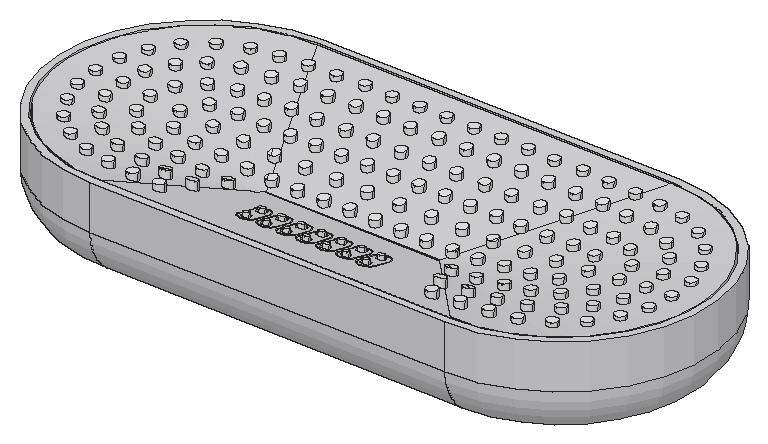
Revit family "Shower-Showerhead-KOHLER-K-26297_1", category Plumbing Fixtures, host Face, Revit 2017
Family settings
  Host = Face
  Round Connector Dimension = Use Diameter
  Part Type = Normal
  OmniClass Number = 23.31.17.00
  OmniClass Title = Showers
  Cut with Voids When Loaded = No
  Shared = No
  Room Calculation Point = No
Parameters (values of type "2.5 GPM, CP-Polished Chrome")
  Width = 17 107/128"  # constant formula
  WaterSense Certified = 1 = 0  # no
  Waste Water Outlet = "Waste Water Outlet"  # constant formula
  Waste Connection = 1 = 0  # no
  Vent Connection = 1 = 0  # no
  URL = "https://www.us.kohler.com/us/"
  Type = 1
  Product Page URL = "http://www.us.kohler.com/us/catalog/productDetails.jsp?productId=26297"
  Product Name = ""
  Product Documentation Link = "https://www.us.kohler.com/webassets/kpna/catalog/pdf/en/K-26297_spec.pdf"
  Pressure = 80.00 psi  # constant formula
  Model = if(Type = 1, "K-26297-CP", if(Type = 2, "K-26297-BN", if(Type = 3, "K-26297-BL", if(Type = 4, "K-26297-2MB", if(Type = 5, "K-26297-SN", "NA")))))  # "K-26297-CP"
  Material = "Plastic"  # constant formula
  Master Format 2014 Name = "Residential Showers"  # constant formula
  Master Format 2014 = "22 42 23"  # constant formula
  Manufacturer Address = "444 Highland Dr, Kohler, WI 53044"  # constant formula
  Manufacturer = "KOHLER Co."  # constant formula
  Length = 8 17/256"  # constant formula
  Tempered Water Inlet 1 = "Tempered Water Inlet"  # constant formula
  Height = 3 53/128"  # constant formula
  HW Connection = 1 = 1  # yes
  Flow Rate = 2.5 GPM  # constant formula
  Finish = KOHLER-Plastic-CP-Polished_Chrome
  Environmental Product Declaration = ""
  Drain Included = 1 = 0  # no
  Description = "2F Large Oblong Katalyst/Linetic 2.5 GPM"  # constant formula
  Default Elevation = 0"
  Declare Label = ""
  Date Modified = "01/22/2021"  # constant formula
  Date Created = "01/22/2021"  # constant formula
  Copyright = "Copyright KOHLER Co."  # constant formula
  Contact Us = "https://www.us.kohler.com/us/static/contact.jsp"
  Cold Water Inlet = "Cold Water Inlet"  # constant formula
  CW Connection = 1 = 0  # no
  Assembly Code = "D2010700"
  ADA Compliant = 1 = 0  # no
Reference planes (in)
  plane 1 "Center (Front/Back)": y = 0
  plane 2: z = 0
  plane 3 "Center (Left/Right)": x = 0
  plane 4: x = -0.43307
  plane 5: x = 0.43307
  plane 6: x = 8.91732
  plane 7: x = -8.91861
  plane 8: z = 3.41406
  plane 9: y = 4.03346
  plane 10: z = 0.79595
  plane 11: y = 0.47733
  plane 12: y = -0.47733
  plane 13: y = -4.03294
Dimensions and locks (in)
  "Height": plane 8 to level
  plane 11 to plane 12 = 0.95466"
  plane 4 to plane 5 = 0.86614"
  plane 8 to plane 10 = 2.61811"
  plane 6 to plane 7 = 17 107/128"
  "Length": plane 9 to plane 13
  "Width": plane 7 to plane 6
  aligned and locked: plane 2 to host face
  aligned and locked: level to host face
Automatic sketch dimensions
  host sketch curve to host sketch curve = 96"  (x2)
Nested families (in)
  nested 1: "K-26297" at (0, 0, 0), type "K-26297"
Connectors (in)
  piping at (0, 0, 0), diameter 0.375, driven by "Flow Rate", driven by "Pressure", driven by "HW Connection", driven by "Tempered Water Inlet 1"
    settings: on nested 1, index 2, connector inside diameter 24", connector length 0", flow factor 0, pipe flow 2.5 GPM, pressure drop 80.00 psi, fitting loss kfactor 0, connector angle 0.00°, fixture units 0, engagement length 0", angle of deflection 0.00°, flow configuration 1, flow direction 1, fitting loss method 4, system type 19, joint type 0, gender type 0, connector reference index -1, connector utility 1, adjustable connector no, is connector primary yes, connector description "Tempered Water Inlet"
Definition of nested family "K-26297"
  Parameters (values of type "K-26297")
    Material = none
  Reference planes (in)
    plane 1 "Center (Front/Back)": y = 0
    plane 2: z = 0
    plane 3 "Center (Left/Right)": x = 0
    plane 4: y = 4.03346
    plane 5: y = -4.03346
    plane 6: z = 0.79528
    plane 7: z = 3.41339
    plane 8: x = 0.43307
    plane 9: x = -0.43307
    plane 10: x = 8.91732
    plane 11: x = -8.91732
  Forms (in)
    Sweep 1, solid, material <- "Material", detail levels medium+fine
      path origin (0, 0, 0) x (1, 0, 0) y (0, 1, 0)
        loop
          arc (-4.91948, 4.03346) -> (-8.95294, 0) -> (-4.91948, -4.03346) r 4.03346
          line (-4.91948, -4.03346) -> (4.91948, -4.03346)
          arc (4.91948, -4.03346) -> (8.95294, 0) -> (4.91948, 4.03346) r 4.03346
          line (4.91948, 4.03346) -> (-4.91948, 4.03346)
      profile origin (0, 4.03346, 0) x (0, 1, 0) y (0, 0, 1)
        loop
          line (0, 3.41339) -> (-0.19685, 3.41339) -> (-0.19685, 2.17134)
          arc (-0.19685, 2.17134) -> (-0.54279, 1.33617) -> (-1.37795, 0.99024) r 1.1811
          line (-1.37795, 0.99024) -> (-3.46965, 0.99024) -> (-3.46965, 0.79339) -> (-1.37795, 0.79339)
          arc (-1.37795, 0.79339) -> (-0.40359, 1.19698) -> (0, 2.17134) r 1.37795
          line (0, 2.17134) -> (0, 3.41339)
    Extrusion 2, solid, material <- "Material", detail levels medium+fine
      sketch origin (0, 0, 0) x (1, 0, 0) y (0, 1, 0)
        loop
          line (-4.91948, -0.56381) -> (4.91948, -0.56381)
          arc (4.91948, -0.56381) -> (5.48329, 0) -> (4.91948, 0.56381) r 0.56381
          line (4.91948, 0.56381) -> (-4.91948, 0.56381)
          arc (-4.91948, 0.56381) -> (-5.48329, 0) -> (-4.91948, -0.56381) r 0.56381
      from 0.79339 to 0.99024
    Extrusion 3, solid, material <- "Material", detail levels medium+fine
      sketch origin (0, 0, 0) x (1, 0, 0) y (0, 1, 0)
        loop
          line (0.15964, 0.47733) -> (-0.15964, 0.47733)
          arc (-0.15964, 0.47733) -> (-0.23783, 0.47608) -> (-0.31595, 0.47232) r 2.44246
          arc (-0.31595, 0.47232) -> (-0.47224, 0.45724) -> (-0.62724, 0.43215) r 2.44246
          arc (-0.62724, 0.43215) -> (-0.85574, 0.29606) -> (-0.94557, 0.04573) r 0.3937
          line (-0.94557, 0.04573) -> (-0.94557, 0) -> (-0.94557, -0.04573)
          arc (-0.94557, -0.04573) -> (-0.85574, -0.29606) -> (-0.62724, -0.43215) r 0.3937
          arc (-0.62724, -0.43215) -> (-0.47224, -0.45724) -> (-0.31595, -0.47232) r 2.44246
          arc (-0.31595, -0.47232) -> (-0.23783, -0.47608) -> (-0.15964, -0.47733) r 2.44246
          line (-0.15964, -0.47733) -> (0.15964, -0.47733)
          arc (0.15964, -0.47733) -> (0.23783, -0.47608) -> (0.31595, -0.47232) r 2.44246
          arc (0.31595, -0.47232) -> (0.47224, -0.45724) -> (0.62724, -0.43215) r 2.44246
          arc (0.62724, -0.43215) -> (0.85574, -0.29606) -> (0.94557, -0.04573) r 0.3937
          line (0.94557, -0.04573) -> (0.94557, 0) -> (0.94557, 0.04573)
          arc (0.94557, 0.04573) -> (0.85574, 0.29606) -> (0.62724, 0.43215) r 0.3937
          arc (0.62724, 0.43215) -> (0.47224, 0.45724) -> (0.31595, 0.47232) r 2.44246
          arc (0.31595, 0.47232) -> (0.23783, 0.47608) -> (0.15964, 0.47733) r 2.44246
      from 0 to 0.79339
    Extrusion 4, solid, material <- "Material", detail levels medium+fine
      sketch origin (0, 0, 0) x (1, 0, 0) y (0, 1, 0)
        loop
          arc (-4.91948, 3.83661) -> (-8.75609, 0) -> (-4.91948, -3.83661) r 3.83661
          line (-4.91948, -3.83661) -> (4.91948, -3.83661)
          arc (4.91948, -3.83661) -> (8.75609, 0) -> (4.91948, 3.83661) r 3.83661
          line (4.91948, 3.83661) -> (-4.91948, 3.83661)
      from 1.87795 to 3.41339
    Blend 5, void
      base sketch origin (0, 0, 0) x (1, 0, 0) y (0, 1, 0)
        loop
          arc (-4.91948, 3.83661) -> (-8.75609, 0) -> (-4.91948, -3.83661) r 3.83661
          line (-4.91948, -3.83661) -> (4.91948, -3.83661)
          arc (4.91948, -3.83661) -> (8.75609, 0) -> (4.91948, 3.83661) r 3.83661
          line (4.91948, 3.83661) -> (-4.91948, 3.83661)
      top sketch origin (0, 0, 0) x (1, 0, 0) y (0, 1, 0)
        loop
          line (2.4246, -1.11253) -> (2.4246, -1.06859) -> (-2.42478, -1.06859) -> (-2.42478, -1.11253) -> (2.4246, -1.11253)
      from 3.41339 to 2.77186
    Extrusion 6, void
      sketch origin (0, 0, 0) x (1, 0, 0) y (0, 0, 1)
        loop
          arc (0.08967, 0.44705) -> (0, 0.4978) -> (-0.08967, 0.44705) r 0.1046
          line (-0.08967, 0.44705) -> (-0.79494, 0.44705)
          arc (-0.79494, 0.44705) -> (-0.84879, 0.39319) -> (-0.79494, 0.33934) r 0.05385
          line (-0.79494, 0.33934) -> (-0.08967, 0.33934)
          arc (-0.08967, 0.33934) -> (0, 0.28859) -> (0.08967, 0.33934) r 0.1046
          line (0.08967, 0.33934) -> (0.79494, 0.33934)
          arc (0.79494, 0.33934) -> (0.84879, 0.39319) -> (0.79494, 0.44705) r 0.05385
          line (0.79494, 0.44705) -> (0.08967, 0.44705)
      from -0.52641 to 0.18184
    Revolve 7, void
      sketch origin (0, 0, 0) x (0, 1, 0) y (0, 0, 1)
        loop
          line (-0.48, 0.49881) -> (-0.48, 0.3935) -> (-0.27658, 0.3935) -> (-0.27658, 0.47319) -> (-0.42217, 0.47319) -> (-0.44779, 0.49881) -> (-0.48, 0.49881)
        axis (-0.48, 0.3935) -> (-0.27658, 0.3935)
      angle from 0 to 360
    Extrusion 8, void
      sketch origin (0, 0, 0) x (1, 0, 0) y (0, 1, 0)
        loop
          line (-1.42092, -2.68321) -> (-1.42092, -2.15417)
          arc (-1.42092, -2.15417) -> (-1.65354, -1.92156) -> (-1.88616, -2.15417) r 0.23262
          line (-1.88616, -2.15417) -> (-1.88616, -2.68321)
          arc (-1.88616, -2.68321) -> (-1.65354, -2.91583) -> (-1.42092, -2.68321) r 0.23262
        loop
          line (-0.86974, -2.68321) -> (-0.86974, -2.15417)
          arc (-0.86974, -2.15417) -> (-1.10236, -1.92156) -> (-1.33498, -2.15417) r 0.23262
          line (-1.33498, -2.15417) -> (-1.33498, -2.68321)
          arc (-1.33498, -2.68321) -> (-1.10236, -2.91583) -> (-0.86974, -2.68321) r 0.23262
        loop
          line (-0.31856, -2.68321) -> (-0.31856, -2.15417)
          arc (-0.31856, -2.15417) -> (-0.55118, -1.92156) -> (-0.7838, -2.15417) r 0.23262
          line (-0.7838, -2.15417) -> (-0.7838, -2.68321)
          arc (-0.7838, -2.68321) -> (-0.55118, -2.91583) -> (-0.31856, -2.68321) r 0.23262
        loop
          line (0.23262, -2.68321) -> (0.23262, -2.15417)
          arc (0.23262, -2.15417) -> (0, -1.92156) -> (-0.23262, -2.15417) r 0.23262
          line (-0.23262, -2.15417) -> (-0.23262, -2.68321)
          arc (-0.23262, -2.68321) -> (0, -2.91583) -> (0.23262, -2.68321) r 0.23262
        loop
          line (0.7838, -2.68321) -> (0.7838, -2.15417)
          arc (0.7838, -2.15417) -> (0.55118, -1.92156) -> (0.31856, -2.15417) r 0.23262
          line (0.31856, -2.15417) -> (0.31856, -2.68321)
          arc (0.31856, -2.68321) -> (0.55118, -2.91583) -> (0.7838, -2.68321) r 0.23262
        loop
          line (1.33498, -2.68321) -> (1.33498, -2.15417)
          arc (1.33498, -2.15417) -> (1.10236, -1.92156) -> (0.86974, -2.15417) r 0.23262
          line (0.86974, -2.15417) -> (0.86974, -2.68321)
          arc (0.86974, -2.68321) -> (1.10236, -2.91583) -> (1.33498, -2.68321) r 0.23262
        loop
          line (1.88616, -2.68321) -> (1.88616, -2.15417)
          arc (1.88616, -2.15417) -> (1.65354, -1.92156) -> (1.42092, -2.15417) r 0.23262
          line (1.42092, -2.15417) -> (1.42092, -2.68321)
          arc (1.42092, -2.68321) -> (1.65354, -2.91583) -> (1.88616, -2.68321) r 0.23262
        loop
          arc (-1.43667, -2.15417) -> (-1.65354, -1.9373) -> (-1.87041, -2.15417) r 0.21687
          line (-1.87041, -2.15417) -> (-1.87041, -2.68321)
          arc (-1.87041, -2.68321) -> (-1.65354, -2.90008) -> (-1.43667, -2.68321) r 0.21687
          line (-1.43667, -2.68321) -> (-1.43667, -2.15417)
        loop
          arc (-0.88549, -2.15417) -> (-1.10236, -1.9373) -> (-1.31923, -2.15417) r 0.21687
          line (-1.31923, -2.15417) -> (-1.31923, -2.68321)
          arc (-1.31923, -2.68321) -> (-1.10236, -2.90008) -> (-0.88549, -2.68321) r 0.21687
          line (-0.88549, -2.68321) -> (-0.88549, -2.15417)
        loop
          arc (-0.33431, -2.15417) -> (-0.55118, -1.9373) -> (-0.76805, -2.15417) r 0.21687
          line (-0.76805, -2.15417) -> (-0.76805, -2.68321)
          arc (-0.76805, -2.68321) -> (-0.55118, -2.90008) -> (-0.33431, -2.68321) r 0.21687
          line (-0.33431, -2.68321) -> (-0.33431, -2.15417)
        loop
          arc (0.21687, -2.15417) -> (0, -1.9373) -> (-0.21687, -2.15417) r 0.21687
          line (-0.21687, -2.15417) -> (-0.21687, -2.68321)
          arc (-0.21687, -2.68321) -> (0, -2.90008) -> (0.21687, -2.68321) r 0.21687
          line (0.21687, -2.68321) -> (0.21687, -2.15417)
        loop
          arc (0.76805, -2.15417) -> (0.55118, -1.9373) -> (0.33431, -2.15417) r 0.21687
          line (0.33431, -2.15417) -> (0.33431, -2.68321)
          arc (0.33431, -2.68321) -> (0.55118, -2.90008) -> (0.76805, -2.68321) r 0.21687
          line (0.76805, -2.68321) -> (0.76805, -2.15417)
        loop
          arc (1.31923, -2.15417) -> (1.10236, -1.9373) -> (0.88549, -2.15417) r 0.21687
          line (0.88549, -2.15417) -> (0.88549, -2.68321)
          arc (0.88549, -2.68321) -> (1.10236, -2.90008) -> (1.31923, -2.68321) r 0.21687
          line (1.31923, -2.68321) -> (1.31923, -2.15417)
        loop
          arc (1.87041, -2.15417) -> (1.65354, -1.9373) -> (1.43667, -2.15417) r 0.21687
          line (1.43667, -2.15417) -> (1.43667, -2.68321)
          arc (1.43667, -2.68321) -> (1.65354, -2.90008) -> (1.87041, -2.68321) r 0.21687
          line (1.87041, -2.68321) -> (1.87041, -2.15417)
        loop
          circle (-1.65281, -2.15811) r 0.12491
        loop
          circle (-1.65281, -2.69773) r 0.12491
        loop
          circle (-1.10163, -2.15811) r 0.12491
        loop
          circle (-1.10163, -2.69773) r 0.12491
        loop
          circle (-0.55045, -2.15811) r 0.12491
        loop
          circle (-0.55045, -2.69773) r 0.12491
        loop
          circle (0.00073, -2.15811) r 0.12491
        loop
          circle (0.00073, -2.69773) r 0.12491
        loop
          circle (0.55191, -2.15811) r 0.12491
        loop
          circle (0.55191, -2.69773) r 0.12491
        loop
          circle (1.1031, -2.15811) r 0.12491
        loop
          circle (1.1031, -2.69773) r 0.12491
        loop
          circle (1.65428, -2.15811) r 0.12491
        loop
          circle (1.65428, -2.69773) r 0.12491
      from 2.43178 to 3.41339
    Extrusion 9, solid, detail levels medium+fine
      sketch origin (0, 0, 0) x (1, 0, 0) y (0, 1, 0)
        loop
          circle (-1.65281, -2.15811) r 0.08055
        loop
          circle (-1.65281, -2.69773) r 0.08055
        loop
          circle (-1.10163, -2.15811) r 0.08055
        loop
          circle (-1.10163, -2.69773) r 0.08055
        loop
          circle (-0.55045, -2.15811) r 0.08055
        loop
          circle (-0.55045, -2.69773) r 0.08055
        loop
          circle (0.00073, -2.15811) r 0.08055
        loop
          circle (0.00073, -2.69773) r 0.08055
        loop
          circle (0.55191, -2.15811) r 0.08055
        loop
          circle (0.55191, -2.69773) r 0.08055
        loop
          circle (1.1031, -2.15811) r 0.08055
        loop
          circle (1.1031, -2.69773) r 0.08055
        loop
          circle (1.65428, -2.15811) r 0.08055
        loop
          circle (1.65428, -2.69773) r 0.08055
      from 2.26406 to 3.41339
    Extrusion 10, void
      sketch origin (0, 0, 0.09843) x (0, 1, 0) y (0, 0, 1)
        loop
          line (-1.77178, 2.92928) -> (-1.77178, 3.41339) -> (-3.79921, 3.41339) -> (-1.77178, 2.92928)
      from -2.42478 to 1.88616
    Extrusion 11, solid, material <- "Material", detail levels medium+fine
      sketch origin (0, 0, 0) x (1, 0, 0) y (0, 1, 0)
        loop
          arc (0.15964, -0.47733) -> (0.23783, -0.47608) -> (0.31595, -0.47232) r 2.44246
          arc (0.31595, -0.47232) -> (0.47224, -0.45724) -> (0.62724, -0.43215) r 2.44246
          arc (0.62724, -0.43215) -> (0.85574, -0.29606) -> (0.94557, -0.04573) r 0.3937
          line (0.94557, -0.04573) -> (0.94557, 0) -> (0.94557, 0.04573)
          arc (0.94557, 0.04573) -> (0.85574, 0.29606) -> (0.62724, 0.43215) r 0.3937
          arc (0.62724, 0.43215) -> (0.47224, 0.45724) -> (0.31595, 0.47232) r 2.44246
          arc (0.31595, 0.47232) -> (0.23783, 0.47608) -> (0.15964, 0.47733) r 2.44246
          line (0.15964, 0.47733) -> (-0.15964, 0.47733)
          arc (-0.15964, 0.47733) -> (-0.23783, 0.47608) -> (-0.31595, 0.47232) r 2.44246
          arc (-0.31595, 0.47232) -> (-0.47224, 0.45724) -> (-0.62724, 0.43215) r 2.44246
          arc (-0.62724, 0.43215) -> (-0.85574, 0.29606) -> (-0.94557, 0.04573) r 0.3937
          line (-0.94557, 0.04573) -> (-0.94557, 0) -> (-0.94557, -0.04573)
          arc (-0.94557, -0.04573) -> (-0.85574, -0.29606) -> (-0.62724, -0.43215) r 0.3937
          arc (-0.62724, -0.43215) -> (-0.47224, -0.45724) -> (-0.31595, -0.47232) r 2.44246
          arc (-0.31595, -0.47232) -> (-0.23783, -0.47608) -> (-0.15964, -0.47733) r 2.44246
          line (-0.15964, -0.47733) -> (0.15964, -0.47733)
      from 0 to 0.79339
    Extrusion 12, void
      sketch origin (0, 0, 0) x (1, 0, 0) y (0, 1, 0)
        loop
          arc (-4.91948, 3.83661) -> (-8.75609, 0) -> (-4.91948, -3.83661) r 3.83661
          line (-4.91948, -3.83661) -> (4.91948, -3.83661)
          arc (4.91948, -3.83661) -> (8.75609, 0) -> (4.91948, 3.83661) r 3.83661
          line (4.91948, 3.83661) -> (-4.91948, 3.83661)
        loop
          arc (-4.91948, 3.78543) -> (-8.70491, 0) -> (-4.91948, -3.78543) r 3.78543
          line (-4.91948, -3.78543) -> (4.91948, -3.78543)
          arc (4.91948, -3.78543) -> (8.70491, 0) -> (4.91948, 3.78543) r 3.78543
          line (4.91948, 3.78543) -> (-4.91948, 3.78543)
      from 2.77186 to 3.87988
    Extrusion 13, solid, detail levels medium+fine
      sketch origin (0, 0, 0) x (1, 0, 0) y (0, 1, 0)
        loop
          circle (0, 3.11243) r 0.14404
        loop
          circle (0.38349, 2.36942) r 0.14404
        loop
          circle (0.7502, 3.10763) r 0.14404
        loop
          circle (0.01285, 1.54978) r 0.14404
        loop
          circle (0.35658, 0.757) r 0.14404
        loop
          circle (0.35658, -0.74541) r 0.14404
        loop
          circle (1.06442, -0.75511) r 0.14404
        loop
          circle (1.78195, -0.7648) r 0.14404
        loop
          circle (2.49948, -0.7648) r 0.14404
        loop
          circle (3.18793, -0.74541) r 0.14404
        loop
          circle (3.09096, -1.53082) r 0.14404
        loop
          circle (3.7988, -1.55021) r 0.14404
        loop
          circle (3.43034, -2.33562) r 0.14404
        loop
          circle (3.76971, -3.06285) r 0.14404
        loop
          circle (4.52603, -3.03376) r 0.14404
        loop
          circle (4.18665, -2.32592) r 0.14404
        loop
          circle (4.51633, -1.49203) r 0.14404
        loop
          circle (4.91388, -2.23866) r 0.14404
        loop
          circle (5.26295, -2.95619) r 0.14404
        loop
          circle (5.97079, -2.83983) r 0.14404
        loop
          circle (5.6702, -2.13199) r 0.14404
        loop
          circle (6.35865, -1.81201) r 0.14404
        loop
          circle (6.66893, -2.51985) r 0.14404
        loop
          circle (6.83813, -1.32138) r 0.14404
        loop
          circle (7.25072, -2.03503) r 0.14404
        loop
          circle (7.65215, -1.39943) r 0.14404
        loop
          circle (7.90862, -0.73038) r 0.14404
        loop
          circle (7.17266, -0.68578) r 0.14404
        loop
          circle (6.32519, -0.66348) r 0.14404
        loop
          circle (5.84571, -1.19872) r 0.14404
        loop
          circle (5.19896, -1.42173) r 0.14404
        loop
          circle (5.33277, -0.61887) r 0.14404
        loop
          circle (4.64142, -0.74153) r 0.14404
        loop
          circle (3.91661, -0.73038) r 0.14404
        loop
          circle (2.49948, 0.7648) r 0.14404
        loop
          circle (3.18793, 0.74541) r 0.14404
        loop
          circle (3.09096, 1.53082) r 0.14404
        loop
          circle (3.7988, 1.55021) r 0.14404
        loop
          circle (3.43034, 2.33562) r 0.14404
        loop
          circle (3.76971, 3.06285) r 0.14404
        loop
          circle (4.52603, 3.03376) r 0.14404
        loop
          circle (4.18665, 2.32592) r 0.14404
        loop
          circle (4.51633, 1.49203) r 0.14404
        loop
          circle (4.91388, 2.23866) r 0.14404
        loop
          circle (5.26295, 2.95619) r 0.14404
        loop
          circle (5.97079, 2.83983) r 0.14404
        loop
          circle (5.6702, 2.13199) r 0.14404
        loop
          circle (6.35865, 1.81201) r 0.14404
        loop
          circle (6.66893, 2.51985) r 0.14404
        loop
          circle (6.83813, 1.32138) r 0.14404
        loop
          circle (7.25072, 2.03503) r 0.14404
        loop
          circle (7.65215, 1.39943) r 0.14404
        loop
          circle (7.90862, 0.73038) r 0.14404
        loop
          circle (7.17266, 0.68578) r 0.14404
        loop
          circle (6.32519, 0.66348) r 0.14404
        loop
          circle (5.84571, 1.19872) r 0.14404
        loop
          circle (5.19896, 1.42173) r 0.14404
        loop
          circle (5.33277, 0.61887) r 0.14404
        loop
          circle (4.64142, 0.74153) r 0.14404
        loop
          circle (3.91661, 0.73038) r 0.14404
        loop
          circle (0.44579, -0.0206) r 0.14404
        loop
          circle (1.31555, -0.00945) r 0.14404
        loop
          circle (2.17417, -0.00945) r 0.14404
        loop
          circle (3.02163, -0.00945) r 0.14404
        loop
          circle (3.8914, 0.0017) r 0.14404
        loop
          circle (4.75001, 0.01285) r 0.14404
        loop
          circle (5.65323, 0.0017) r 0.14404
        loop
          circle (6.48955, 0.01285) r 0.14404
        loop
          circle (7.23666, 0.01285) r 0.14404
        loop
          circle (7.97261, -0.0206) r 0.14404
        loop
          circle (1.07411, 0.7648) r 0.14404
        loop
          circle (1.78195, 0.75511) r 0.14404
        loop
          circle (1.54923, 1.55021) r 0.14404
        loop
          circle (0.76383, 1.54051) r 0.14404
        loop
          circle (1.15168, 2.35501) r 0.14404
        loop
          circle (1.908, 2.36471) r 0.14404
        loop
          circle (2.66432, 2.35501) r 0.14404
        loop
          circle (2.29586, 1.54051) r 0.14404
        loop
          circle (3.01339, 3.11133) r 0.14404
        loop
          circle (2.24738, 3.08224) r 0.14404
        loop
          circle (1.50075, 3.11133) r 0.14404
        loop
          circle (-0.38349, 2.36942) r 0.14404
        loop
          circle (-0.7502, 3.10763) r 0.14404
        loop
          circle (-0.35658, 0.757) r 0.14404
        loop
          circle (-0.35658, -0.74541) r 0.14404
        loop
          circle (-1.06442, -0.75511) r 0.14404
        loop
          circle (-1.78195, -0.7648) r 0.14404
        loop
          circle (-2.49948, -0.7648) r 0.14404
        loop
          circle (-3.18793, -0.74541) r 0.14404
        loop
          circle (-3.09096, -1.53082) r 0.14404
        loop
          circle (-3.7988, -1.55021) r 0.14404
        loop
          circle (-3.43034, -2.33562) r 0.14404
        loop
          circle (-3.76971, -3.06285) r 0.14404
        loop
          circle (-4.52603, -3.03376) r 0.14404
        loop
          circle (-4.18665, -2.32592) r 0.14404
        loop
          circle (-4.51633, -1.49203) r 0.14404
        loop
          circle (-4.91388, -2.23866) r 0.14404
        loop
          circle (-5.26295, -2.95619) r 0.14404
        loop
          circle (-5.97079, -2.83983) r 0.14404
        loop
          circle (-5.6702, -2.13199) r 0.14404
        loop
          circle (-6.35865, -1.81201) r 0.14404
        loop
          circle (-6.66893, -2.51985) r 0.14404
        loop
          circle (-6.83813, -1.32138) r 0.14404
        loop
          circle (-7.25072, -2.03503) r 0.14404
        loop
          circle (-7.65215, -1.39943) r 0.14404
        loop
          circle (-7.90862, -0.73038) r 0.14404
        loop
          circle (-7.17266, -0.68578) r 0.14404
        loop
          circle (-6.32519, -0.66348) r 0.14404
        loop
          circle (-5.84571, -1.19872) r 0.14404
        loop
          circle (-5.19896, -1.42173) r 0.14404
        loop
          circle (-5.33277, -0.61887) r 0.14404
        loop
          circle (-4.64142, -0.74153) r 0.14404
        loop
          circle (-3.91661, -0.73038) r 0.14404
        loop
          circle (-2.49948, 0.7648) r 0.14404
        loop
          circle (-3.18793, 0.74541) r 0.14404
        loop
          circle (-3.09096, 1.53082) r 0.14404
        loop
          circle (-3.7988, 1.55021) r 0.14404
        loop
          circle (-3.43034, 2.33562) r 0.14404
        loop
          circle (-3.76971, 3.06285) r 0.14404
        loop
          circle (-4.52603, 3.03376) r 0.14404
        loop
          circle (-4.18665, 2.32592) r 0.14404
        loop
          circle (-4.51633, 1.49203) r 0.14404
        loop
          circle (-4.91388, 2.23866) r 0.14404
        loop
          circle (-5.26295, 2.95619) r 0.14404
        loop
          circle (-5.97079, 2.83983) r 0.14404
        loop
          circle (-5.6702, 2.13199) r 0.14404
        loop
          circle (-6.35865, 1.81201) r 0.14404
        loop
          circle (-6.66893, 2.51985) r 0.14404
        loop
          circle (-6.83813, 1.32138) r 0.14404
        loop
          circle (-7.25072, 2.03503) r 0.14404
        loop
          circle (-7.65215, 1.39943) r 0.14404
        loop
          circle (-7.90862, 0.73038) r 0.14404
        loop
          circle (-7.17266, 0.68578) r 0.14404
        loop
          circle (-6.32519, 0.66348) r 0.14404
        loop
          circle (-5.84571, 1.19872) r 0.14404
        loop
          circle (-5.19896, 1.42173) r 0.14404
        loop
          circle (-5.33277, 0.61887) r 0.14404
        loop
          circle (-4.64142, 0.74153) r 0.14404
        loop
          circle (-3.91661, 0.73038) r 0.14404
        loop
          circle (-0.44579, -0.0206) r 0.14404
        loop
          circle (-1.31555, -0.00945) r 0.14404
        loop
          circle (-2.17417, -0.00945) r 0.14404
        loop
          circle (-3.02163, -0.00945) r 0.14404
        loop
          circle (-3.8914, 0.0017) r 0.14404
        loop
          circle (-4.75001, 0.01285) r 0.14404
        loop
          circle (-5.65323, 0.0017) r 0.14404
        loop
          circle (-6.48955, 0.01285) r 0.14404
        loop
          circle (-7.23666, 0.01285) r 0.14404
        loop
          circle (-7.97261, -0.0206) r 0.14404
        loop
          circle (-1.07411, 0.7648) r 0.14404
        loop
          circle (-1.78195, 0.75511) r 0.14404
        loop
          circle (-1.54923, 1.55021) r 0.14404
        loop
          circle (-0.76383, 1.54051) r 0.14404
        loop
          circle (-1.15168, 2.35501) r 0.14404
        loop
          circle (-1.908, 2.36471) r 0.14404
        loop
          circle (-2.66432, 2.35501) r 0.14404
        loop
          circle (-2.29586, 1.54051) r 0.14404
        loop
          circle (-3.01339, 3.11133) r 0.14404
        loop
          circle (-2.24738, 3.08224) r 0.14404
        loop
          circle (-1.50075, 3.11133) r 0.14404
      from 1.52456 to 3.41339
    Blend 14, void
      base sketch origin (0, 0, 0) x (1, 0, 0) y (0, 1, 0)
        loop
          arc (-4.91948, 2.80118) -> (-7.72066, 0) -> (-4.91948, -2.80118) r 2.80118
          line (-4.91948, -2.80118) -> (4.88822, -2.80118)
          arc (4.88822, -2.80118) -> (7.6894, 0) -> (4.88822, 2.80118) r 2.80118
          line (4.88822, 2.80118) -> (-4.91948, 2.80118)
      top sketch origin (0, 0, 0) x (1, 0, 0) y (0, 1, 0)
        loop
          line (2.4246, -1.06859) -> (-2.42478, -1.06859) -> (-2.42478, -1.11253) -> (2.4246, -1.11253) -> (2.4246, -1.06859)
      from 3.41339 to 2.92627
    Extrusion 15, solid, material <- "Material", detail levels coarse
      sketch origin (0, 0, 0) x (1, 0, 0) y (0, 1, 0)
        loop
          line (4.91948, 4.03346) -> (-4.91948, 4.03346)
          arc (-4.91948, 4.03346) -> (-8.95294, 0) -> (-4.91948, -4.03346) r 4.03346
          line (-4.91948, -4.03346) -> (4.91948, -4.03346)
          arc (4.91948, -4.03346) -> (8.95294, 0) -> (4.91948, 4.03346) r 4.03346
      from 0.79339 to 3.39361
    Extrusion 16, solid, material <- "Material", detail levels coarse
      sketch origin (0, 0, 0) x (1, 0, 0) y (0, 1, 0)
        loop
          arc (0.62724, -0.43215) -> (0.85574, -0.29606) -> (0.94557, -0.04573) r 0.3937
          line (0.94557, -0.04573) -> (0.94557, 0) -> (0.94557, 0.04573)
          arc (0.94557, 0.04573) -> (0.85574, 0.29606) -> (0.62724, 0.43215) r 0.3937
          arc (0.62724, 0.43215) -> (0.47224, 0.45724) -> (0.31595, 0.47232) r 2.44246
          arc (0.31595, 0.47232) -> (0.23783, 0.47608) -> (0.15964, 0.47733) r 2.44246
          line (0.15964, 0.47733) -> (-0.15964, 0.47733)
          arc (-0.15964, 0.47733) -> (-0.23783, 0.47608) -> (-0.31595, 0.47232) r 2.44246
          arc (-0.31595, 0.47232) -> (-0.47224, 0.45724) -> (-0.62724, 0.43215) r 2.44246
          arc (-0.62724, 0.43215) -> (-0.85574, 0.29606) -> (-0.94557, 0.04573) r 0.3937
          line (-0.94557, 0.04573) -> (-0.94557, 0) -> (-0.94557, -0.04573)
          arc (-0.94557, -0.04573) -> (-0.85574, -0.29606) -> (-0.62724, -0.43215) r 0.3937
          arc (-0.62724, -0.43215) -> (-0.47224, -0.45724) -> (-0.31595, -0.47232) r 2.44246
          arc (-0.31595, -0.47232) -> (-0.23783, -0.47608) -> (-0.15964, -0.47733) r 2.44246
          line (-0.15964, -0.47733) -> (0.15964, -0.47733)
          arc (0.15964, -0.47733) -> (0.23783, -0.47608) -> (0.31595, -0.47232) r 2.44246
          arc (0.31595, -0.47232) -> (0.47224, -0.45724) -> (0.62724, -0.43215) r 2.44246
      from 0 to 0.79339
    Extrusion 17, solid, material <- "Material"
      sketch origin (0, 0, 0) x (1, 0, 0) y (0, 1, 0)
        loop
          circle (0, 0) r 0.12333
      from 0 to 0.11719
  Cuts and joins
    Extrusion 10 cuts Extrusion 9
    Blend 5, Extrusion 8, Extrusion 12 cuts Extrusion 4
    Extrusion 6, Revolve 7, Extrusion 12 cuts Extrusion 11
    joined: Extrusion 4, Extrusion 11
    Blend 5, Extrusion 6, Revolve 7, Extrusion 10 cuts Extrusion 3
    Extrusion 12 cuts Sweep 1
    joined: Sweep 1, Extrusion 2
    Blend 14 cuts Extrusion 13
    Extrusion 12 cuts Extrusion 15
    joined: Extrusion 15, Extrusion 16
  Lines and regions (in)
    Masking region 1
      outline origin (0, 0, 0) x (1, 0, 0) y (0, 0, 1)
        loop
          line (8.91732, 3.41339) -> (-8.91732, 3.41339) -> (-8.91732, 2.17323)
          arc (-8.91732, 2.17323) -> (-8.51373, 1.19887) -> (-7.53937, 0.79528) r 1.37795
          line (-7.53937, 0.79528) -> (-0.94557, 0.79528) -> (-0.94557, 0) -> (0.94557, 0) -> (0.94557, 0.79528) -> (7.53937, 0.79528)
          arc (7.53937, 0.79528) -> (8.51373, 1.19887) -> (8.91732, 2.17323) r 1.37795
          line (8.91732, 2.17323) -> (8.91732, 3.41339)
    Masking region 2
      outline origin (0, 0, 0) x (0, 1, 0) y (0, 0, 1)
        loop
          line (4.03346, 3.41339) -> (-4.03346, 3.41339) -> (-4.03346, 2.17323)
          arc (-4.03346, 2.17323) -> (-3.62987, 1.19887) -> (-2.65551, 0.79528) r 1.37795
          line (-2.65551, 0.79528) -> (-0.47733, 0.79528) -> (-0.47733, 0) -> (0.47733, 0) -> (0.47733, 0.33934) -> (0.35544, 0.33934)
          spline (0.35544, 0.33934) -> (0.34486, 0.34092) -> (0.33413, 0.34544) -> (0.32371, 0.35289) -> (0.31429, 0.36331) -> (0.30705, 0.37708) -> (0.30446, 0.39319) -> (0.30704, 0.4093) -> (0.31427, 0.42305) -> (0.3237, 0.43349) -> (0.33413, 0.44095) -> (0.34486, 0.44547) -> (0.35544, 0.44705)
          line (0.35544, 0.44705) -> (0.47733, 0.44705) -> (0.47733, 0.79528) -> (2.65551, 0.79528)
          arc (2.65551, 0.79528) -> (3.62987, 1.19887) -> (4.03346, 2.17323) r 1.37795
          line (4.03346, 2.17323) -> (4.03346, 3.41339)
    Masking region 3
      outline origin (0, 0, 0) x (1, 0, 0) y (0, 1, 0)
        loop
          arc (-4.91948, 4.03346) -> (-7.759, 2.84991) -> (-8.91732, 0) r 3.998
          arc (-8.91732, 0) -> (-7.759, -2.84991) -> (-4.91948, -4.03346) r 3.998
          line (-4.91948, -4.03346) -> (4.91948, -4.03346)
          arc (4.91948, -4.03346) -> (7.759, -2.84991) -> (8.91732, 0) r 3.998
          arc (8.91732, 0) -> (7.759, 2.84991) -> (4.91948, 4.03346) r 3.998
          line (4.91948, 4.03346) -> (-4.91948, 4.03346)
    symbolic lines, detail levels medium+fine
      curve 1: line (-1.5279, -2.15811, 0) -> (-1.5279, -2.69773, 0)
      curve 2: line (-1.77723, -2.15813, 0) -> (-1.77723, -2.69774, 0)
      curve 3: line (-1.42092, -2.68321, 0) -> (-1.42092, -2.15417, 0)
      curve 4: arc (-1.42092, -2.15417, 0) -> (-1.65354, -1.92156, 0) -> (-1.88616, -2.15417, 0) r 0.23262
      curve 5: line (-1.88616, -2.15417, 0) -> (-1.88616, -2.68321, 0)
      curve 6: arc (-1.88616, -2.68321, 0) -> (-1.65354, -2.91583, 0) -> (-1.42092, -2.68321, 0) r 0.23262
      curve 7: spline (-1.73304, -2.15811, 0) -> (-1.73081, -2.17874, 0) -> (-1.72307, -2.19808, 0) -> (-1.71037, -2.21475, 0) -> (-1.6936, -2.22757, 0) -> (-1.67395, -2.23565, 0) -> (-1.65281, -2.2384, 0) -> (-1.63167, -2.23565, 0) -> (-1.61202, -2.22757, 0) -> (-1.59525, -2.21475, 0) -> (-1.58255, -2.19808, 0) -> (-1.57481, -2.17874, 0) -> (-1.57258, -2.15811, 0)
      curve 8: spline (-1.57258, -2.15811, 0) -> (-1.57481, -2.13748, 0) -> (-1.58255, -2.11815, 0) -> (-1.59525, -2.10148, 0) -> (-1.61202, -2.08865, 0) -> (-1.63167, -2.08058, 0) -> (-1.65281, -2.07782, 0) -> (-1.67395, -2.08058, 0) -> (-1.6936, -2.08865, 0) -> (-1.71037, -2.10148, 0) -> (-1.72307, -2.11815, 0) -> (-1.73081, -2.13748, 0) -> (-1.73304, -2.15811, 0)
      curve 9: spline (-1.52839, -2.15811, 0) -> (-1.53185, -2.19011, 0) -> (-1.54385, -2.22009, 0) -> (-1.56355, -2.24594, 0) -> (-1.58955, -2.26583, 0) -> (-1.62002, -2.27835, 0) -> (-1.65281, -2.28263, 0) -> (-1.6856, -2.27835, 0) -> (-1.71607, -2.26583, 0) -> (-1.74207, -2.24594, 0) -> (-1.76177, -2.22009, 0) -> (-1.77377, -2.19011, 0) -> (-1.77723, -2.15811, 0)
      curve 10: spline (-1.77723, -2.15811, 0) -> (-1.77377, -2.12611, 0) -> (-1.76177, -2.09613, 0) -> (-1.74207, -2.07028, 0) -> (-1.71607, -2.0504, 0) -> (-1.6856, -2.03787, 0) -> (-1.65281, -2.0336, 0) -> (-1.62002, -2.03787, 0) -> (-1.58955, -2.0504, 0) -> (-1.56355, -2.07028, 0) -> (-1.54385, -2.09613, 0) -> (-1.53185, -2.12611, 0) -> (-1.52839, -2.15811, 0)
      curve 11: spline (-1.57258, -2.69773, 0) -> (-1.57481, -2.6771, 0) -> (-1.58255, -2.65776, 0) -> (-1.59525, -2.6411, 0) -> (-1.61202, -2.62827, 0) -> (-1.63167, -2.6202, 0) -> (-1.65281, -2.61744, 0) -> (-1.67395, -2.6202, 0) -> (-1.6936, -2.62827, 0) -> (-1.71037, -2.6411, 0) -> (-1.72307, -2.65776, 0) -> (-1.73081, -2.6771, 0) -> (-1.73304, -2.69773, 0)
      curve 12: spline (-1.73304, -2.69773, 0) -> (-1.73081, -2.71836, 0) -> (-1.72307, -2.73769, 0) -> (-1.71037, -2.75436, 0) -> (-1.6936, -2.76719, 0) -> (-1.67395, -2.77526, 0) -> (-1.65281, -2.77802, 0) -> (-1.63167, -2.77526, 0) -> (-1.61202, -2.76719, 0) -> (-1.59525, -2.75436, 0) -> (-1.58255, -2.73769, 0) -> (-1.57481, -2.71836, 0) -> (-1.57258, -2.69773, 0)
      curve 13: spline (-1.77723, -2.69773, 0) -> (-1.77377, -2.66573, 0) -> (-1.76177, -2.63575, 0) -> (-1.74207, -2.6099, 0) -> (-1.71607, -2.59001, 0) -> (-1.6856, -2.57749, 0) -> (-1.65281, -2.57321, 0) -> (-1.62002, -2.57749, 0) -> (-1.58955, -2.59001, 0) -> (-1.56355, -2.6099, 0) -> (-1.54385, -2.63575, 0) -> (-1.53185, -2.66573, 0) -> (-1.52839, -2.69773, 0)
      curve 14: spline (-1.52839, -2.69773, 0) -> (-1.53185, -2.72973, 0) -> (-1.54385, -2.75971, 0) -> (-1.56355, -2.78556, 0) -> (-1.58955, -2.80544, 0) -> (-1.62002, -2.81797, 0) -> (-1.65281, -2.82224, 0) -> (-1.6856, -2.81797, 0) -> (-1.71607, -2.80544, 0) -> (-1.74207, -2.78556, 0) -> (-1.76177, -2.75971, 0) -> (-1.77377, -2.72973, 0) -> (-1.77723, -2.69773, 0)
      curve 15: line (-1.87041, -2.15417, 0) -> (-1.87041, -2.68321, 0)
      curve 16: spline (-1.86956, -2.68324, 0) -> (-1.86355, -2.73879, 0) -> (-1.8427, -2.79083, 0) -> (-1.8085, -2.83571, 0) -> (-1.76336, -2.87023, 0) -> (-1.71046, -2.89197, 0) -> (-1.65354, -2.89939, 0) -> (-1.59662, -2.89197, 0) -> (-1.54373, -2.87023, 0) -> (-1.49858, -2.83571, 0) -> (-1.46438, -2.79083, 0) -> (-1.44354, -2.73879, 0) -> (-1.43753, -2.68324, 0)
      curve 17: line (-1.43667, -2.68321, 0) -> (-1.43667, -2.15417, 0)
      curve 18: spline (-1.43753, -2.15415, 0) -> (-1.44354, -2.0986, 0) -> (-1.46438, -2.04655, 0) -> (-1.49858, -2.00168, 0) -> (-1.54373, -1.96716, 0) -> (-1.59662, -1.94541, 0) -> (-1.65354, -1.93799, 0) -> (-1.71046, -1.94541, 0) -> (-1.76336, -1.96716, 0) -> (-1.8085, -2.00168, 0) -> (-1.8427, -2.04655, 0) -> (-1.86355, -2.0986, 0) -> (-1.86956, -2.15415, 0)
      curve 19: line (-0.97672, -2.15811, 0) -> (-0.97672, -2.69773, 0)
      curve 20: line (-1.22605, -2.15813, 0) -> (-1.22605, -2.69774, 0)
      curve 21: line (-0.86974, -2.68321, 0) -> (-0.86974, -2.15417, 0)
      curve 22: arc (-0.86974, -2.15417, 0) -> (-1.10236, -1.92156, 0) -> (-1.33498, -2.15417, 0) r 0.23262
      curve 23: line (-1.33498, -2.15417, 0) -> (-1.33498, -2.68321, 0)
      curve 24: arc (-1.33498, -2.68321, 0) -> (-1.10236, -2.91583, 0) -> (-0.86974, -2.68321, 0) r 0.23262
      curve 25: spline (-1.18186, -2.15811, 0) -> (-1.17963, -2.17874, 0) -> (-1.17189, -2.19808, 0) -> (-1.15918, -2.21475, 0) -> (-1.14242, -2.22757, 0) -> (-1.12277, -2.23565, 0) -> (-1.10163, -2.2384, 0) -> (-1.08049, -2.23565, 0) -> (-1.06084, -2.22757, 0) -> (-1.04407, -2.21475, 0) -> (-1.03137, -2.19808, 0) -> (-1.02363, -2.17874, 0) -> (-1.0214, -2.15811, 0)
      curve 26: spline (-1.0214, -2.15811, 0) -> (-1.02363, -2.13748, 0) -> (-1.03137, -2.11815, 0) -> (-1.04407, -2.10148, 0) -> (-1.06084, -2.08865, 0) -> (-1.08049, -2.08058, 0) -> (-1.10163, -2.07782, 0) -> (-1.12277, -2.08058, 0) -> (-1.14242, -2.08865, 0) -> (-1.15918, -2.10148, 0) -> (-1.17189, -2.11815, 0) -> (-1.17963, -2.13748, 0) -> (-1.18186, -2.15811, 0)
      curve 27: spline (-0.97721, -2.15811, 0) -> (-0.98067, -2.19011, 0) -> (-0.99267, -2.22009, 0) -> (-1.01237, -2.24594, 0) -> (-1.03837, -2.26583, 0) -> (-1.06884, -2.27835, 0) -> (-1.10163, -2.28263, 0) -> (-1.13441, -2.27835, 0) -> (-1.16488, -2.26583, 0) -> (-1.19089, -2.24594, 0) -> (-1.21059, -2.22009, 0) -> (-1.22259, -2.19011, 0) -> (-1.22605, -2.15811, 0)
      curve 28: spline (-1.22605, -2.15811, 0) -> (-1.22259, -2.12611, 0) -> (-1.21059, -2.09613, 0) -> (-1.19089, -2.07028, 0) -> (-1.16488, -2.0504, 0) -> (-1.13441, -2.03787, 0) -> (-1.10163, -2.0336, 0) -> (-1.06884, -2.03787, 0) -> (-1.03837, -2.0504, 0) -> (-1.01237, -2.07028, 0) -> (-0.99267, -2.09613, 0) -> (-0.98067, -2.12611, 0) -> (-0.97721, -2.15811, 0)
      curve 29: spline (-1.0214, -2.69773, 0) -> (-1.02363, -2.6771, 0) -> (-1.03137, -2.65776, 0) -> (-1.04407, -2.6411, 0) -> (-1.06084, -2.62827, 0) -> (-1.08049, -2.6202, 0) -> (-1.10163, -2.61744, 0) -> (-1.12277, -2.6202, 0) -> (-1.14242, -2.62827, 0) -> (-1.15918, -2.6411, 0) -> (-1.17189, -2.65776, 0) -> (-1.17963, -2.6771, 0) -> (-1.18186, -2.69773, 0)
      curve 30: spline (-1.18186, -2.69773, 0) -> (-1.17963, -2.71836, 0) -> (-1.17189, -2.73769, 0) -> (-1.15918, -2.75436, 0) -> (-1.14242, -2.76719, 0) -> (-1.12277, -2.77526, 0) -> (-1.10163, -2.77802, 0) -> (-1.08049, -2.77526, 0) -> (-1.06084, -2.76719, 0) -> (-1.04407, -2.75436, 0) -> (-1.03137, -2.73769, 0) -> (-1.02363, -2.71836, 0) -> (-1.0214, -2.69773, 0)
      curve 31: spline (-1.22605, -2.69773, 0) -> (-1.22259, -2.66573, 0) -> (-1.21059, -2.63575, 0) -> (-1.19089, -2.6099, 0) -> (-1.16488, -2.59001, 0) -> (-1.13441, -2.57749, 0) -> (-1.10163, -2.57321, 0) -> (-1.06884, -2.57749, 0) -> (-1.03837, -2.59001, 0) -> (-1.01237, -2.6099, 0) -> (-0.99267, -2.63575, 0) -> (-0.98067, -2.66573, 0) -> (-0.97721, -2.69773, 0)
      curve 32: spline (-0.97721, -2.69773, 0) -> (-0.98067, -2.72973, 0) -> (-0.99267, -2.75971, 0) -> (-1.01237, -2.78556, 0) -> (-1.03837, -2.80544, 0) -> (-1.06884, -2.81797, 0) -> (-1.10163, -2.82224, 0) -> (-1.13441, -2.81797, 0) -> (-1.16488, -2.80544, 0) -> (-1.19089, -2.78556, 0) -> (-1.21059, -2.75971, 0) -> (-1.22259, -2.72973, 0) -> (-1.22605, -2.69773, 0)
      curve 33: line (-1.31923, -2.15417, 0) -> (-1.31923, -2.68321, 0)
      curve 34: spline (-1.31838, -2.68324, 0) -> (-1.31237, -2.73879, 0) -> (-1.29152, -2.79083, 0) -> (-1.25732, -2.83571, 0) -> (-1.21218, -2.87023, 0) -> (-1.15928, -2.89197, 0) -> (-1.10236, -2.89939, 0) -> (-1.04544, -2.89197, 0) -> (-0.99254, -2.87023, 0) -> (-0.9474, -2.83571, 0) -> (-0.9132, -2.79083, 0) -> (-0.89236, -2.73879, 0) -> (-0.88634, -2.68324, 0)
      curve 35: line (-0.88549, -2.68321, 0) -> (-0.88549, -2.15417, 0)
      curve 36: spline (-0.88634, -2.15415, 0) -> (-0.89236, -2.0986, 0) -> (-0.9132, -2.04655, 0) -> (-0.9474, -2.00168, 0) -> (-0.99254, -1.96716, 0) -> (-1.04544, -1.94541, 0) -> (-1.10236, -1.93799, 0) -> (-1.15928, -1.94541, 0) -> (-1.21218, -1.96716, 0) -> (-1.25732, -2.00168, 0) -> (-1.29152, -2.04655, 0) -> (-1.31237, -2.0986, 0) -> (-1.31838, -2.15415, 0)
      curve 37: line (-0.42553, -2.15811, 0) -> (-0.42553, -2.69773, 0)
      curve 38: line (-0.67487, -2.15813, 0) -> (-0.67487, -2.69774, 0)
      curve 39: line (-0.31856, -2.68321, 0) -> (-0.31856, -2.15417, 0)
      curve 40: arc (-0.31856, -2.15417, 0) -> (-0.55118, -1.92156, 0) -> (-0.7838, -2.15417, 0) r 0.23262
      curve 41: line (-0.7838, -2.15417, 0) -> (-0.7838, -2.68321, 0)
      curve 42: arc (-0.7838, -2.68321, 0) -> (-0.55118, -2.91583, 0) -> (-0.31856, -2.68321, 0) r 0.23262
      curve 43: spline (-0.63068, -2.15811, 0) -> (-0.62845, -2.17874, 0) -> (-0.62071, -2.19808, 0) -> (-0.608, -2.21475, 0) -> (-0.59124, -2.22757, 0) -> (-0.57159, -2.23565, 0) -> (-0.55045, -2.2384, 0) -> (-0.52931, -2.23565, 0) -> (-0.50966, -2.22757, 0) -> (-0.49289, -2.21475, 0) -> (-0.48019, -2.19808, 0) -> (-0.47245, -2.17874, 0) -> (-0.47022, -2.15811, 0)
      curve 44: spline (-0.47022, -2.15811, 0) -> (-0.47245, -2.13748, 0) -> (-0.48019, -2.11815, 0) -> (-0.49289, -2.10148, 0) -> (-0.50966, -2.08865, 0) -> (-0.52931, -2.08058, 0) -> (-0.55045, -2.07782, 0) -> (-0.57159, -2.08058, 0) -> (-0.59124, -2.08865, 0) -> (-0.608, -2.10148, 0) -> (-0.62071, -2.11815, 0) -> (-0.62845, -2.13748, 0) -> (-0.63068, -2.15811, 0)
      curve 45: spline (-0.42603, -2.15811, 0) -> (-0.42949, -2.19011, 0) -> (-0.44149, -2.22009, 0) -> (-0.46119, -2.24594, 0) -> (-0.48719, -2.26583, 0) -> (-0.51766, -2.27835, 0) -> (-0.55045, -2.28263, 0) -> (-0.58323, -2.27835, 0) -> (-0.6137, -2.26583, 0) -> (-0.63971, -2.24594, 0) -> (-0.65941, -2.22009, 0) -> (-0.67141, -2.19011, 0) -> (-0.67487, -2.15811, 0)
      curve 46: spline (-0.67487, -2.15811, 0) -> (-0.67141, -2.12611, 0) -> (-0.65941, -2.09613, 0) -> (-0.63971, -2.07028, 0) -> (-0.6137, -2.0504, 0) -> (-0.58323, -2.03787, 0) -> (-0.55045, -2.0336, 0) -> (-0.51766, -2.03787, 0) -> (-0.48719, -2.0504, 0) -> (-0.46119, -2.07028, 0) -> (-0.44149, -2.09613, 0) -> (-0.42949, -2.12611, 0) -> (-0.42603, -2.15811, 0)
      curve 47: spline (-0.47022, -2.69773, 0) -> (-0.47245, -2.6771, 0) -> (-0.48019, -2.65776, 0) -> (-0.49289, -2.6411, 0) -> (-0.50966, -2.62827, 0) -> (-0.52931, -2.6202, 0) -> (-0.55045, -2.61744, 0) -> (-0.57159, -2.6202, 0) -> (-0.59124, -2.62827, 0) -> (-0.608, -2.6411, 0) -> (-0.62071, -2.65776, 0) -> (-0.62845, -2.6771, 0) -> (-0.63068, -2.69773, 0)
      curve 48: spline (-0.63068, -2.69773, 0) -> (-0.62845, -2.71836, 0) -> (-0.62071, -2.73769, 0) -> (-0.608, -2.75436, 0) -> (-0.59124, -2.76719, 0) -> (-0.57159, -2.77526, 0) -> (-0.55045, -2.77802, 0) -> (-0.52931, -2.77526, 0) -> (-0.50966, -2.76719, 0) -> (-0.49289, -2.75436, 0) -> (-0.48019, -2.73769, 0) -> (-0.47245, -2.71836, 0) -> (-0.47022, -2.69773, 0)
      curve 49: spline (-0.67487, -2.69773, 0) -> (-0.67141, -2.66573, 0) -> (-0.65941, -2.63575, 0) -> (-0.63971, -2.6099, 0) -> (-0.6137, -2.59001, 0) -> (-0.58323, -2.57749, 0) -> (-0.55045, -2.57321, 0) -> (-0.51766, -2.57749, 0) -> (-0.48719, -2.59001, 0) -> (-0.46119, -2.6099, 0) -> (-0.44149, -2.63575, 0) -> (-0.42949, -2.66573, 0) -> (-0.42603, -2.69773, 0)
      curve 50: spline (-0.42603, -2.69773, 0) -> (-0.42949, -2.72973, 0) -> (-0.44149, -2.75971, 0) -> (-0.46119, -2.78556, 0) -> (-0.48719, -2.80544, 0) -> (-0.51766, -2.81797, 0) -> (-0.55045, -2.82224, 0) -> (-0.58323, -2.81797, 0) -> (-0.6137, -2.80544, 0) -> (-0.63971, -2.78556, 0) -> (-0.65941, -2.75971, 0) -> (-0.67141, -2.72973, 0) -> (-0.67487, -2.69773, 0)
      curve 51: line (-0.76805, -2.15417, 0) -> (-0.76805, -2.68321, 0)
      curve 52: spline (-0.7672, -2.68324, 0) -> (-0.76119, -2.73879, 0) -> (-0.74034, -2.79083, 0) -> (-0.70614, -2.83571, 0) -> (-0.661, -2.87023, 0) -> (-0.6081, -2.89197, 0) -> (-0.55118, -2.89939, 0) -> (-0.49426, -2.89197, 0) -> (-0.44136, -2.87023, 0) -> (-0.39622, -2.83571, 0) -> (-0.36202, -2.79083, 0) -> (-0.34118, -2.73879, 0) -> (-0.33516, -2.68324, 0)
      curve 53: line (-0.33431, -2.68321, 0) -> (-0.33431, -2.15417, 0)
      curve 54: spline (-0.33516, -2.15415, 0) -> (-0.34118, -2.0986, 0) -> (-0.36202, -2.04655, 0) -> (-0.39622, -2.00168, 0) -> (-0.44136, -1.96716, 0) -> (-0.49426, -1.94541, 0) -> (-0.55118, -1.93799, 0) -> (-0.6081, -1.94541, 0) -> (-0.661, -1.96716, 0) -> (-0.70614, -2.00168, 0) -> (-0.74034, -2.04655, 0) -> (-0.76119, -2.0986, 0) -> (-0.7672, -2.15415, 0)
      curve 55: line (0.12565, -2.15811, 0) -> (0.12565, -2.69773, 0)
      curve 56: line (-0.12369, -2.15813, 0) -> (-0.12369, -2.69774, 0)
      curve 57: line (0.23262, -2.68321, 0) -> (0.23262, -2.15417, 0)
      curve 58: arc (0.23262, -2.15417, 0) -> (0, -1.92156, 0) -> (-0.23262, -2.15417, 0) r 0.23262
      curve 59: line (-0.23262, -2.15417, 0) -> (-0.23262, -2.68321, 0)
      curve 60: arc (-0.23262, -2.68321, 0) -> (0, -2.91583, 0) -> (0.23262, -2.68321, 0) r 0.23262
      curve 61: spline (-0.0795, -2.15811, 0) -> (-0.07726, -2.17874, 0) -> (-0.06952, -2.19808, 0) -> (-0.05682, -2.21475, 0) -> (-0.04006, -2.22757, 0) -> (-0.02041, -2.23565, 0) -> (0.00073, -2.2384, 0) -> (0.02187, -2.23565, 0) -> (0.04152, -2.22757, 0) -> (0.05829, -2.21475, 0) -> (0.07099, -2.19808, 0) -> (0.07873, -2.17874, 0) -> (0.08096, -2.15811, 0)
      curve 62: spline (0.08096, -2.15811, 0) -> (0.07873, -2.13748, 0) -> (0.07099, -2.11815, 0) -> (0.05829, -2.10148, 0) -> (0.04152, -2.08865, 0) -> (0.02187, -2.08058, 0) -> (0.00073, -2.07782, 0) -> (-0.02041, -2.08058, 0) -> (-0.04006, -2.08865, 0) -> (-0.05682, -2.10148, 0) -> (-0.06952, -2.11815, 0) -> (-0.07726, -2.13748, 0) -> (-0.0795, -2.15811, 0)
      curve 63: spline (0.12515, -2.15811, 0) -> (0.12169, -2.19011, 0) -> (0.10969, -2.22009, 0) -> (0.08999, -2.24594, 0) -> (0.06399, -2.26583, 0) -> (0.03352, -2.27835, 0) -> (0.00073, -2.28263, 0) -> (-0.03205, -2.27835, 0) -> (-0.06252, -2.26583, 0) -> (-0.08853, -2.24594, 0) -> (-0.10822, -2.22009, 0) -> (-0.12023, -2.19011, 0) -> (-0.12369, -2.15811, 0)
      curve 64: spline (-0.12369, -2.15811, 0) -> (-0.12023, -2.12611, 0) -> (-0.10822, -2.09613, 0) -> (-0.08853, -2.07028, 0) -> (-0.06252, -2.0504, 0) -> (-0.03205, -2.03787, 0) -> (0.00073, -2.0336, 0) -> (0.03352, -2.03787, 0) -> (0.06399, -2.0504, 0) -> (0.08999, -2.07028, 0) -> (0.10969, -2.09613, 0) -> (0.12169, -2.12611, 0) -> (0.12515, -2.15811, 0)
      curve 65: spline (0.08096, -2.69773, 0) -> (0.07873, -2.6771, 0) -> (0.07099, -2.65776, 0) -> (0.05829, -2.6411, 0) -> (0.04152, -2.62827, 0) -> (0.02187, -2.6202, 0) -> (0.00073, -2.61744, 0) -> (-0.02041, -2.6202, 0) -> (-0.04006, -2.62827, 0) -> (-0.05682, -2.6411, 0) -> (-0.06952, -2.65776, 0) -> (-0.07726, -2.6771, 0) -> (-0.0795, -2.69773, 0)
      curve 66: spline (-0.0795, -2.69773, 0) -> (-0.07726, -2.71836, 0) -> (-0.06952, -2.73769, 0) -> (-0.05682, -2.75436, 0) -> (-0.04006, -2.76719, 0) -> (-0.02041, -2.77526, 0) -> (0.00073, -2.77802, 0) -> (0.02187, -2.77526, 0) -> (0.04152, -2.76719, 0) -> (0.05829, -2.75436, 0) -> (0.07099, -2.73769, 0) -> (0.07873, -2.71836, 0) -> (0.08096, -2.69773, 0)
      curve 67: spline (-0.12369, -2.69773, 0) -> (-0.12023, -2.66573, 0) -> (-0.10822, -2.63575, 0) -> (-0.08853, -2.6099, 0) -> (-0.06252, -2.59001, 0) -> (-0.03205, -2.57749, 0) -> (0.00073, -2.57321, 0) -> (0.03352, -2.57749, 0) -> (0.06399, -2.59001, 0) -> (0.08999, -2.6099, 0) -> (0.10969, -2.63575, 0) -> (0.12169, -2.66573, 0) -> (0.12515, -2.69773, 0)
      curve 68: spline (0.12515, -2.69773, 0) -> (0.12169, -2.72973, 0) -> (0.10969, -2.75971, 0) -> (0.08999, -2.78556, 0) -> (0.06399, -2.80544, 0) -> (0.03352, -2.81797, 0) -> (0.00073, -2.82224, 0) -> (-0.03205, -2.81797, 0) -> (-0.06252, -2.80544, 0) -> (-0.08853, -2.78556, 0) -> (-0.10822, -2.75971, 0) -> (-0.12023, -2.72973, 0) -> (-0.12369, -2.69773, 0)
      curve 69: line (-0.21687, -2.15417, 0) -> (-0.21687, -2.68321, 0)
      curve 70: spline (-0.21602, -2.68324, 0) -> (-0.21, -2.73879, 0) -> (-0.18916, -2.79083, 0) -> (-0.15496, -2.83571, 0) -> (-0.10982, -2.87023, 0) -> (-0.05692, -2.89197, 0) -> (0, -2.89939, 0) -> (0.05692, -2.89197, 0) -> (0.10982, -2.87023, 0) -> (0.15496, -2.83571, 0) -> (0.18916, -2.79083, 0) -> (0.21, -2.73879, 0) -> (0.21602, -2.68324, 0)
      curve 71: line (0.21687, -2.68321, 0) -> (0.21687, -2.15417, 0)
      curve 72: spline (0.21602, -2.15415, 0) -> (0.21, -2.0986, 0) -> (0.18916, -2.04655, 0) -> (0.15496, -2.00168, 0) -> (0.10982, -1.96716, 0) -> (0.05692, -1.94541, 0) -> (0, -1.93799, 0) -> (-0.05692, -1.94541, 0) -> (-0.10982, -1.96716, 0) -> (-0.15496, -2.00168, 0) -> (-0.18916, -2.04655, 0) -> (-0.21, -2.0986, 0) -> (-0.21602, -2.15415, 0)
      curve 73: line (0.67683, -2.15811, 0) -> (0.67683, -2.69773, 0)
      curve 74: line (0.42749, -2.15813, 0) -> (0.42749, -2.69774, 0)
      curve 75: line (0.7838, -2.68321, 0) -> (0.7838, -2.15417, 0)
      curve 76: arc (0.7838, -2.15417, 0) -> (0.55118, -1.92156, 0) -> (0.31856, -2.15417, 0) r 0.23262
      curve 77: line (0.31856, -2.15417, 0) -> (0.31856, -2.68321, 0)
      curve 78: arc (0.31856, -2.68321, 0) -> (0.55118, -2.91583, 0) -> (0.7838, -2.68321, 0) r 0.23262
      curve 79: spline (0.47169, -2.15811, 0) -> (0.47392, -2.17874, 0) -> (0.48166, -2.19808, 0) -> (0.49436, -2.21475, 0) -> (0.51113, -2.22757, 0) -> (0.53077, -2.23565, 0) -> (0.55191, -2.2384, 0) -> (0.57306, -2.23565, 0) -> (0.5927, -2.22757, 0) -> (0.60947, -2.21475, 0) -> (0.62217, -2.19808, 0) -> (0.62991, -2.17874, 0) -> (0.63214, -2.15811, 0)
      curve 80: spline (0.63214, -2.15811, 0) -> (0.62991, -2.13748, 0) -> (0.62217, -2.11815, 0) -> (0.60947, -2.10148, 0) -> (0.5927, -2.08865, 0) -> (0.57306, -2.08058, 0) -> (0.55191, -2.07782, 0) -> (0.53077, -2.08058, 0) -> (0.51113, -2.08865, 0) -> (0.49436, -2.10148, 0) -> (0.48166, -2.11815, 0) -> (0.47392, -2.13748, 0) -> (0.47169, -2.15811, 0)
      curve 81: spline (0.67634, -2.15811, 0) -> (0.67288, -2.19011, 0) -> (0.66087, -2.22009, 0) -> (0.64117, -2.24594, 0) -> (0.61517, -2.26583, 0) -> (0.5847, -2.27835, 0) -> (0.55191, -2.28263, 0) -> (0.51913, -2.27835, 0) -> (0.48866, -2.26583, 0) -> (0.46266, -2.24594, 0) -> (0.44296, -2.22009, 0) -> (0.43095, -2.19011, 0) -> (0.42749, -2.15811, 0)
      curve 82: spline (0.42749, -2.15811, 0) -> (0.43095, -2.12611, 0) -> (0.44296, -2.09613, 0) -> (0.46266, -2.07028, 0) -> (0.48866, -2.0504, 0) -> (0.51913, -2.03787, 0) -> (0.55191, -2.0336, 0) -> (0.5847, -2.03787, 0) -> (0.61517, -2.0504, 0) -> (0.64117, -2.07028, 0) -> (0.66087, -2.09613, 0) -> (0.67288, -2.12611, 0) -> (0.67634, -2.15811, 0)
      curve 83: spline (0.63214, -2.69773, 0) -> (0.62991, -2.6771, 0) -> (0.62217, -2.65776, 0) -> (0.60947, -2.6411, 0) -> (0.5927, -2.62827, 0) -> (0.57306, -2.6202, 0) -> (0.55191, -2.61744, 0) -> (0.53077, -2.6202, 0) -> (0.51113, -2.62827, 0) -> (0.49436, -2.6411, 0) -> (0.48166, -2.65776, 0) -> (0.47392, -2.6771, 0) -> (0.47169, -2.69773, 0)
      curve 84: spline (0.47169, -2.69773, 0) -> (0.47392, -2.71836, 0) -> (0.48166, -2.73769, 0) -> (0.49436, -2.75436, 0) -> (0.51113, -2.76719, 0) -> (0.53077, -2.77526, 0) -> (0.55191, -2.77802, 0) -> (0.57306, -2.77526, 0) -> (0.5927, -2.76719, 0) -> (0.60947, -2.75436, 0) -> (0.62217, -2.73769, 0) -> (0.62991, -2.71836, 0) -> (0.63214, -2.69773, 0)
      curve 85: spline (0.42749, -2.69773, 0) -> (0.43095, -2.66573, 0) -> (0.44296, -2.63575, 0) -> (0.46266, -2.6099, 0) -> (0.48866, -2.59001, 0) -> (0.51913, -2.57749, 0) -> (0.55191, -2.57321, 0) -> (0.5847, -2.57749, 0) -> (0.61517, -2.59001, 0) -> (0.64117, -2.6099, 0) -> (0.66087, -2.63575, 0) -> (0.67288, -2.66573, 0) -> (0.67634, -2.69773, 0)
      curve 86: spline (0.67634, -2.69773, 0) -> (0.67288, -2.72973, 0) -> (0.66087, -2.75971, 0) -> (0.64117, -2.78556, 0) -> (0.61517, -2.80544, 0) -> (0.5847, -2.81797, 0) -> (0.55191, -2.82224, 0) -> (0.51913, -2.81797, 0) -> (0.48866, -2.80544, 0) -> (0.46266, -2.78556, 0) -> (0.44296, -2.75971, 0) -> (0.43095, -2.72973, 0) -> (0.42749, -2.69773, 0)
      curve 87: line (0.33431, -2.15417, 0) -> (0.33431, -2.68321, 0)
      curve 88: spline (0.33516, -2.68324, 0) -> (0.34118, -2.73879, 0) -> (0.36202, -2.79083, 0) -> (0.39622, -2.83571, 0) -> (0.44136, -2.87023, 0) -> (0.49426, -2.89197, 0) -> (0.55118, -2.89939, 0) -> (0.6081, -2.89197, 0) -> (0.661, -2.87023, 0) -> (0.70614, -2.83571, 0) -> (0.74034, -2.79083, 0) -> (0.76119, -2.73879, 0) -> (0.7672, -2.68324, 0)
      curve 89: line (0.76805, -2.68321, 0) -> (0.76805, -2.15417, 0)
      curve 90: spline (0.7672, -2.15415, 0) -> (0.76119, -2.0986, 0) -> (0.74034, -2.04655, 0) -> (0.70614, -2.00168, 0) -> (0.661, -1.96716, 0) -> (0.6081, -1.94541, 0) -> (0.55118, -1.93799, 0) -> (0.49426, -1.94541, 0) -> (0.44136, -1.96716, 0) -> (0.39622, -2.00168, 0) -> (0.36202, -2.04655, 0) -> (0.34118, -2.0986, 0) -> (0.33516, -2.15415, 0)
      curve 91: line (1.22801, -2.15811, 0) -> (1.22801, -2.69773, 0)
      curve 92: line (0.97867, -2.15813, 0) -> (0.97867, -2.69774, 0)
      curve 93: line (1.33498, -2.68321, 0) -> (1.33498, -2.15417, 0)
      curve 94: arc (1.33498, -2.15417, 0) -> (1.10236, -1.92156, 0) -> (0.86974, -2.15417, 0) r 0.23262
      curve 95: line (0.86974, -2.15417, 0) -> (0.86974, -2.68321, 0)
      curve 96: arc (0.86974, -2.68321, 0) -> (1.10236, -2.91583, 0) -> (1.33498, -2.68321, 0) r 0.23262
